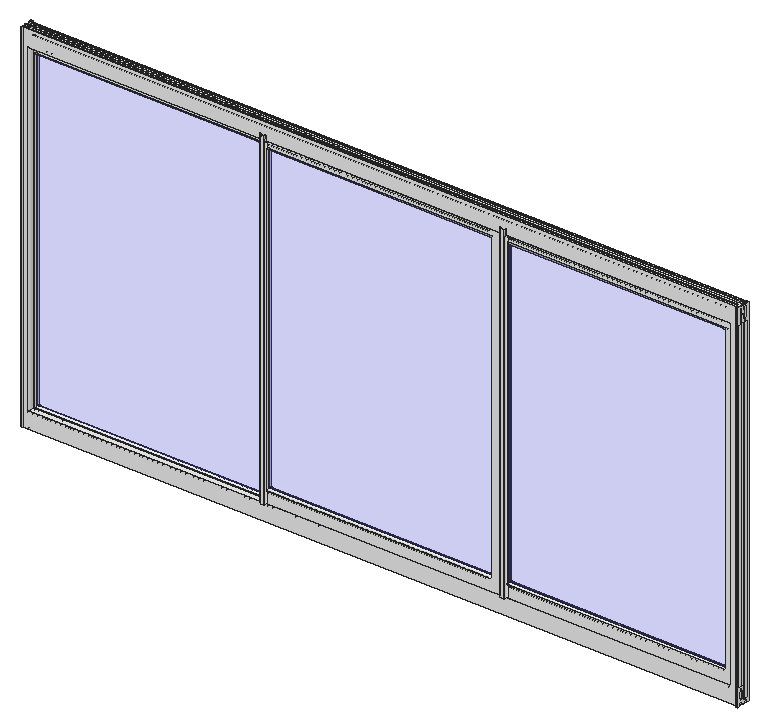
Revit family "DAL_A3-AGI-Sliding-Patio-Door-With-Side-Lights-4010mm", category Doors, host Wall, Revit 2016
Family settings
  Host = Wall
  Always vertical = Yes
  Cut with Voids When Loaded = No
  Shared = No
  Room Calculation Point = No
Parameters (values of type "AGI sliding patio door with side lights 4010mm")
  URL = "http://www.agi.co.za/patioDoor1.htm"
  Panel 2 Width = (Width / 3)  # 1336.667 mm
  Panel 2 Hieght = Height - 89 mm  # 1911 mm
  Panel 1 Width = (Width / 3) - 10 mm  # 1326.667 mm
  Panel 1 Hieght = Height - 154 mm  # 1846 mm
  Manufacturer = "AGI"
  Function = Interior
  Frame material = none
  Frame Projection Ext. = 25 mm
  Frame Projection Int. = 25 mm
  Frame Width = 75 mm
  Height = 2000 mm
  Wall Closure = By host
  Width = 4010 mm
Reference planes
  plane 1 "Centre(Exterior/Interior)": y = 0
  plane 2 "Center (Left/Right)": x = -250
  plane 3 "Left": x = -1586.667
  plane 4 "Right": x = 2423.333
  plane 5 "Top": z = 2000
  plane 6 "Exterior": y = 75
  plane 7 "Interior": y = -75
  plane 8: z = 25
  plane 9 "Panel top": z = 1936.037
  plane 10: x = -1576.667
  plane 11: x = 2413.333
  plane 12: z = 90
  plane 13: x = 1086.667
Forms (mm)
  Sweep 1, solid, material <- "Frame material", detail levels medium+fine
    path origin (0, 0, 0) x (1, 0, 0) y (0, 0, 1)
      loop
        line (2423.333, 0) -> (-1586.667, 0)
    profile "AGI SLIDING PATIO Base frame profile : AGI SLIDING PATIO Base frame profile" origin (418.333, 0, 0) x (0, 0, -1) y (0, -1, 0)
      loop
        line (-90, 32.5) -> (-90, -2.5) -> (-73.55, -2.5) -> (-73.55, 2.5) -> (-86, 2.5) -> (-86, 4.847) -> (-23.5, 4.847) -> (-23.5, -1) -> (-12.362, -1) -> (-12.362, 1) -> (-21, 1) -> (-21, 21.5) -> (-33.87, 21.5) -> (-33.87, 19) -> (-23.5, 19) -> (-23.5, 7.347) -> (-86, 7.347) -> (-86, 19) -> (-73.55, 19) -> (-65.757, 26.793) -> (-69.293, 26.793) -> (-74.586, 21.5) -> (-86, 21.5) -> (-86, 32.5) -> (-90, 32.5)
      loop
        line (-2, 22.5) -> (0, 22.5) -> (0, 32.5) -> (-85, 32.5) -> (-85, 22.5) -> (-75, 22.5) -> (-70, 27.5) -> (-20, 27.5) -> (-20, 3.847) -> (-18.194, 3.847)
        arc (-18.194, 3.847) -> (-10, 0) -> (-18.194, -3.847) r 5
        line (-18.194, -3.847) -> (-20, -3.847) -> (-19.131, -17.639) -> (-25, -17.639) -> (-25, -19.673) -> (-19.003, -19.673) -> (-18.352, -30) -> (-2, -30) -> (-2, -32.5) -> (0, -32.5) -> (0, -25) -> (-13.657, -25) -> (-14.603, -9.992)
        arc (-14.603, -9.992) -> (-8.146, -7.281) -> (-5.05, -1) r 10
        line (-5.05, -1) -> (0, -1) -> (0, 1) -> (-5.05, 1)
        arc (-5.05, 1) -> (-8.292, 7.416) -> (-15, 10) r 10
        line (-15, 10) -> (-15, 27.5) -> (-2, 27.5) -> (-2, 22.5)
  Sweep 2, solid, material <- "Frame material", detail levels medium+fine
    path origin (0, 0, 0) x (1, 0, 0) y (0, 0, 1)
      loop
        line (2423.333, 2000) -> (2423.333, 0)
    profile "AGI SLIDING PATIO side frame profile : AGI SLIDING PATIO side frame profile" origin (2423.333, 0, 1000) x (1, 0, 0) y (0, -1, 0)
      loop
        line (-10, -32.5) -> (-10, -37.5) -> (0, -37.5) -> (0, -32.5) -> (-2, -32.5) -> (-2, -35.5) -> (-5, -35.5) -> (-5, -11.015) -> (-2, -11.015) -> (-2, -6.015) -> (-5, -6.015) -> (-5, -2.5) -> (-2, -2.5) -> (-2, 2.5) -> (-5, 2.5) -> (-5, 35.5) -> (-2, 35.5) -> (-2, 32.5) -> (0, 32.5) -> (0, 37.5) -> (-10, 37.5) -> (-10, 32.5) -> (-40, 32.5) -> (-40, 27.5) -> (-10, 27.5) -> (-10, 2) -> (-8, 2) -> (-8, -2) -> (-10, -2) -> (-10, -27.5) -> (-37.71, -27.5) -> (-37.71, -26.5) -> (-11, -26.5) -> (-11, -24.5) -> (-36.319, -24.5)
        arc (-36.319, -24.5) -> (-38.09, -14) -> (-36.319, -3.5) r 32.018
        line (-36.319, -3.5) -> (-30.069, -3.5) -> (-30.069, -1) -> (-9, -1) -> (-9, 1) -> (-40, 1)
        arc (-40, 1) -> (-42.935, -15.75) -> (-40, -32.5) r 49.268
        line (-40, -32.5) -> (-10, -32.5)
  Sweep 3, solid, material <- "Frame material", detail levels medium+fine
    path origin (0, 0, 0) x (1, 0, 0) y (0, 0, 1)
      loop
        line (-1586.667, 2000) -> (2423.333, 2000)
    profile "AGI SLIDING PATIO Top frame profile : AGI SLIDING PATIO Top frame profile" origin (418.333, 0, 2000) x (0, 0, 1) y (0, -1, 0)
      loop
        line (0, 1.5) -> (-5, 1.5) -> (-5, 27.5) -> (-2, 27.5) -> (-2, 22.5) -> (0, 22.5) -> (0, 32.5) -> (-90, 32.5) -> (-90, 22.5) -> (-75, 22.5) -> (-75, 27.5) -> (-10, 27.5) -> (-10, 1.5) -> (-27.652, 1.5)
        arc (-27.652, 1.5) -> (-28.663, 4.011) -> (-30.5, 6) r 7.5
        line (-30.5, 6) -> (-27.08, 6) -> (-27.08, 2.18) -> (-11, 8) -> (-88, 8) -> (-88, 19.5) -> (-11, 19.5) -> (-27.08, 26.5) -> (-27.08, 21.5) -> (-90, 21.5) -> (-90, 6) -> (-39.5, 6)
        arc (-39.5, 6) -> (-41.337, 4.011) -> (-42.348, 1.5) r 7.5
        line (-42.348, 1.5) -> (-75, 1.5) -> (-75, 5) -> (-90, 5) -> (-90, -5) -> (-75, -5) -> (-75, -1.5) -> (-42.348, -1.5)
        arc (-42.348, -1.5) -> (-41.321, -4.036) -> (-39.453, -6.035) r 7.5
        line (-39.453, -6.035) -> (-36.781, -2.414)
        arc (-36.781, -2.414) -> (-35, 3) -> (-33.219, -2.414) r 3
        line (-33.219, -2.414) -> (-30.547, -6.035)
        arc (-30.547, -6.035) -> (-28.679, -4.036) -> (-27.652, -1.5) r 7.5
        line (-27.652, -1.5) -> (-10, -1.5) -> (-10, -27.5) -> (-75, -27.5) -> (-75, -22.5) -> (-90, -22.5) -> (-90, -32.5) -> (0, -32.5) -> (0, -22.5) -> (-2, -22.5) -> (-2, -27.5) -> (-5, -27.5) -> (-5, -1.5) -> (0, -1.5) -> (0, 1.5)
  Sweep 4, solid, material <- "Frame material", detail levels medium+fine
    path origin (0, 0, 0) x (1, 0, 0) y (0, 0, 1)
      loop
        line (-1586.667, 2000) -> (-1586.667, 0)
    profile "AGI SLIDING PATIO side frame profile : AGI SLIDING PATIO side frame profile" origin (-1586.667, 0, 1000) x (1, 0, 0) y (0, -1, 0)
      loop
        line (10, 32.5) -> (10, 37.5) -> (0, 37.5) -> (0, 32.5) -> (2, 32.5) -> (2, 35.5) -> (5, 35.5) -> (5, 11.015) -> (2, 11.015) -> (2, 6.015) -> (5, 6.015) -> (5, 2.5) -> (2, 2.5) -> (2, -2.5) -> (5, -2.5) -> (5, -35.5) -> (2, -35.5) -> (2, -32.5) -> (0, -32.5) -> (0, -37.5) -> (10, -37.5) -> (10, -32.5) -> (40, -32.5) -> (40, -27.5) -> (10, -27.5) -> (10, -2) -> (8, -2) -> (8, 2) -> (10, 2) -> (10, 27.5) -> (37.71, 27.5) -> (37.71, 26.5) -> (11, 26.5) -> (11, 24.5) -> (36.319, 24.5)
        arc (36.319, 24.5) -> (38.09, 14) -> (36.319, 3.5) r 32.018
        line (36.319, 3.5) -> (30.069, 3.5) -> (30.069, 1) -> (9, 1) -> (9, -1) -> (40, -1)
        arc (40, -1) -> (42.935, 15.75) -> (40, 32.5) r 49.268
        line (40, 32.5) -> (10, 32.5)
Cuts and joins
  joined: Sweep 1, Sweep 2, Sweep 3, Sweep 4
Lines and regions (mm)
  Opening 1
    outline origin (-3050, -75, 0) x (1, 0, 0) y (0, 0, 1)
      loop
        line (1463.333, 0) -> (5473.333, 0) -> (5473.333, 2000) -> (1463.333, 2000) -> (1463.333, 0)
  symbolic lines, style "Elevation Swing"
    curve 1: line (206.116, 12.619, 0) -> (101.116, 12.619, 0)
    curve 2: line (101.116, 12.619, 0) -> (115.258, -1.523, 0)
    curve 3: line (101.116, 12.619, 0) -> (115.258, 26.761, 0)
    curve 14: line (1636.116, 12.619, 0) -> (1531.116, 12.619, 0)
    curve 15: line (1531.116, 12.619, 0) -> (1545.258, -1.523, 0)
    curve 16: line (1531.116, 12.619, 0) -> (1545.258, 26.761, 0)
  symbolic lines, style "Overhead line", detail levels coarse
    curve 4: line (-1586.667, 75, 0) -> (2423.333, 75, 0)
    curve 5: line (2423.333, -75, 0) -> (-1586.667, -75, 0)
  symbolic lines, style "DoorsPanelProjection", detail levels coarse
    curve 6: line (-1586.667, 17, 0) -> (-250, 17, 0)
    curve 7: line (298.333, 0, 1013) -> (178.333, 0, 1013)
    curve 8: line (178.333, 0, 1013) -> (192.475, 0, 1027.142)
    curve 9: line (178.333, 0, 1013) -> (192.475, 0, 998.858)
    curve 10: line (1635, 0, 1013) -> (1515, 0, 1013)
    curve 11: line (1515, 0, 1013) -> (1529.142, 0, 1027.142)
    curve 12: line (1515, 0, 1013) -> (1529.142, 0, 998.858)
    curve 13: line (2423.333, -14.5, 0) -> (-250, -14.5, 0)
Text (mm)
  text "Exterior" at (-2295.016, 1099.543, 0), in view "Ref. Level"
  text "Exterior" at (0, 1615.38, 3698.081), in view "Left"
  text "Exterior" at (0, 1036.032, 3874.932), in view "Right"
Dimensions and locks
  equal spacing: plane 3 "Left", plane 2 "Center (Left/Right)", plane 13, plane 4 "Right"
  "Width": plane 3 "Left" to plane 4 "Right"
  "Height": plane 5 "Top" to host wall
  host wall to plane 5 "Top" = 2000 mm  (x2)
  locked: plane 6 "Exterior" to host wall at 0
  locked: plane 7 "Interior" to host wall
  locked: level to plane 8 at 25
  locked: plane 3 "Left" to plane 10 at 10
  locked: plane 11 to plane 4 "Right" at 10
  locked: level to plane 12 at 90
  aligned and locked: plane 3 "Left" to Opening 1 sketch curve
  aligned and locked: plane 5 "Top" to Opening 1 sketch curve  (x2)
  aligned and locked: Opening 1 sketch curve to plane 4 "Right"
  aligned and locked: Opening 1 sketch curve to level
  aligned and locked: plane 1 "Centre(Exterior/Interior)" to host wall
  aligned and locked: level to Sweep 1 sketch curve
  aligned and locked: plane 4 "Right" to Sweep 1 sketch curve
  aligned and locked: plane 3 "Left" to Sweep 1 sketch curve
  aligned and locked: plane 4 "Right" to Sweep 2 sketch curve
  aligned and locked: plane 5 "Top" to Sweep 2 sketch curve
  aligned and locked: level to Sweep 2 sketch curve
  aligned and locked: plane 5 "Top" to Sweep 3 sketch curve
  aligned and locked: plane 4 "Right" to Sweep 3 sketch curve
  aligned and locked: plane 3 "Left" to Sweep 3 sketch curve
  aligned and locked: plane 3 "Left" to Sweep 4 sketch curve
  aligned and locked: plane 5 "Top" to Sweep 4 sketch curve
  aligned and locked: level to Sweep 4 sketch curve
  aligned and locked: nested 1 to plane 8
  aligned and locked: plane 3 "Left" to curve 4
  aligned and locked: plane 4 "Right" to curve 4
  aligned and locked: plane 4 "Right" to curve 5
  aligned and locked: curve 5 to plane 7 "Interior"
  aligned and locked: plane 6 "Exterior" to curve 4
  aligned and locked: plane 2 "Center (Left/Right)" to curve 6
  aligned and locked: plane 3 "Left" to curve 6
  aligned and locked: plane 12 to nested 3
  aligned and locked: plane 13 to nested 3
  aligned and locked: nested 3 to nested 2
  aligned and locked: plane 11 to nested 2
  aligned and locked: nested 1 to plane 10
  aligned and locked: nested 2 to cut or joined group of Sweep 1, Sweep 2, Sweep 3, Sweep 4
  aligned and locked: cut or joined group of Sweep 1, Sweep 2, Sweep 3, Sweep 4 to nested 1
  aligned and locked: plane 2 "Center (Left/Right)" to curve 13
  aligned and locked: plane 4 "Right" to curve 13
  aligned and locked: curve 13 to nested 2
Automatic sketch dimensions
  plane 2 "Center (Left/Right)" to curve 7 = 428.333 mm
  curve 7 to curve 8 = 14.142 mm
  curve 7 to curve 9 = 14.142 mm
  curve 8 to curve 7 = 105.858 mm
  plane 13 to curve 10 = 428.333 mm
  curve 12 to curve 11 = 14.142 mm
  curve 12 to curve 12 = 14.142 mm  (x2)
  curve 11 to curve 10 = 105.858 mm
  curve 9 to plane 12 = 908.858 mm
  curve 12 to curve 9 = 0 mm
  curve 9 to curve 8 = 14.142 mm
  curve 5 to plane 3 "Left" = 0 mm
  curve 1 to host wall = 12.619 mm
  plane 2 "Center (Left/Right)" to curve 1 = 351.116 mm
  curve 3 to host wall = 26.761 mm
  curve 1 to curve 3 = 14.142 mm
  host wall to curve 2 = 1.523 mm
  curve 3 to curve 1 = 90.858 mm
  curve 16 to host wall = 12.619 mm
  plane 13 to curve 16 = 444.449 mm
  host wall to curve 15 = 1.523 mm
  curve 14 to curve 15 = 14.142 mm
  curve 16 to host wall = 26.761 mm
  curve 16 to curve 14 = 90.858 mm
  curve 6 to host wall = 17 mm
Nested families
  nested 1: "AGI sliding patio side i" at (-765.533, 17, 25), type "AGI sliding patio side i", detail levels medium+fine
    with Width 1336.667 mm
  nested 2: "AGI sliding patio side II" at (1892.8, -14.5, 90), type "AGI sliding patio side II", detail levels medium+fine
    with Width 1326.667 mm
  nested 3: "AGI sliding patio side IV" at (556.133, -14.5, 90), type "AGI sliding patio side II", detail levels medium+fine
    with Width 1336.667 mm
Definition of nested family "AGI sliding patio side i"
  Parameters
    Width = 750 mm
    Height = 1911 mm
    Glass = none
    Frame = none
    Assembly Code = ""
  Reference planes
    plane 1 "Center (Front/Back)": y = 0
    plane 2: z = 0
    plane 3 "Center (Left/Right)": x = -142.8
    plane 4 "Right": x = 232.2
    plane 5 "Left": x = -517.8
    plane 6: z = 1911
    plane 7: z = 1846
    plane 8: z = 65
    plane 9 "PANEL": y = 2.5
    plane 10: x = -488.8
    plane 11: x = 203.2
  Forms (mm)
    Sweep 1, solid
      path origin (0, 0, 0) x (1, 0, 0) y (0, 1, 0)
        loop
          line (232.2, 0) -> (-517.8, 0)
      profile "AGI panel top & bottom profile : AGI panel top & bottom profile" origin (-142.8, 0, 0) x (0, -1, 0) y (0, 0, 1)
        loop
          line (13, 0) -> (13, 65)
          arc (13, 65) -> (9.925, 72.425) -> (2.5, 75.5) r 10.5
          line (2.5, 75.5) -> (2.5, 65) -> (5, 65) -> (5, 69.899)
          arc (5, 69.899) -> (7.19, 67.872) -> (8, 65) r 5.5
          line (8, 65) -> (8, 54.802) -> (3.867, 54.802)
          arc (3.867, 54.802) -> (0, 56.632) -> (-3.867, 54.802) r 5
          line (-3.867, 54.802) -> (-8, 54.802) -> (-8, 65)
          arc (-8, 65) -> (-7.19, 67.872) -> (-5, 69.899) r 5.5
          line (-5, 69.899) -> (-5, 65) -> (-2.5, 65) -> (-2.5, 75.5)
          arc (-2.5, 75.5) -> (-9.925, 72.425) -> (-13, 65) r 10.5
          line (-13, 65) -> (-13, 0) -> (-5, 0) -> (-5, 5) -> (-8, 5) -> (-8, 49.802) -> (-4.653, 49.802)
          arc (-4.653, 49.802) -> (-3.789, 48.369) -> (-2.5, 47.302) r 5
          line (-2.5, 47.302) -> (-0.948, 49.319)
          arc (-0.948, 49.319) -> (-0.168, 54.126) -> (1.25, 49.467) r 2.5
          line (1.25, 49.467) -> (2.5, 47.302)
          arc (2.5, 47.302) -> (3.789, 48.369) -> (4.653, 49.802) r 5
          line (4.653, 49.802) -> (8, 49.802) -> (8, 5) -> (5, 5) -> (5, 0) -> (13, 0)
    Sweep 2, solid
      path origin (0, 0, 0) x (1, 0, 0) y (0, 0, 1)
        loop
          line (-517.8, 1911) -> (232.2, 1911)
      profile "AGI panel top & bottom profile : AGI panel top & bottom profile" origin (-142.8, 0, 1911) x (0, 0, 1) y (0, -1, 0)
        loop
          line (0, 13) -> (-65, 13)
          arc (-65, 13) -> (-72.425, 9.925) -> (-75.5, 2.5) r 10.5
          line (-75.5, 2.5) -> (-65, 2.5) -> (-65, 5) -> (-69.899, 5)
          arc (-69.899, 5) -> (-67.872, 7.19) -> (-65, 8) r 5.5
          line (-65, 8) -> (-54.802, 8) -> (-54.802, 3.867)
          arc (-54.802, 3.867) -> (-56.632, 0) -> (-54.802, -3.867) r 5
          line (-54.802, -3.867) -> (-54.802, -8) -> (-65, -8)
          arc (-65, -8) -> (-67.872, -7.19) -> (-69.899, -5) r 5.5
          line (-69.899, -5) -> (-65, -5) -> (-65, -2.5) -> (-75.5, -2.5)
          arc (-75.5, -2.5) -> (-72.425, -9.925) -> (-65, -13) r 10.5
          line (-65, -13) -> (0, -13) -> (0, -5) -> (-5, -5) -> (-5, -8) -> (-49.802, -8) -> (-49.802, -4.653)
          arc (-49.802, -4.653) -> (-48.369, -3.789) -> (-47.302, -2.5) r 5
          line (-47.302, -2.5) -> (-49.319, -0.948)
          arc (-49.319, -0.948) -> (-54.126, -0.168) -> (-49.467, 1.25) r 2.5
          line (-49.467, 1.25) -> (-47.302, 2.5)
          arc (-47.302, 2.5) -> (-48.369, 3.789) -> (-49.802, 4.653) r 5
          line (-49.802, 4.653) -> (-49.802, 8) -> (-5, 8) -> (-5, 5) -> (0, 5) -> (0, 13)
    Sweep 3, solid
      path origin (0, 0, 0) x (1, 0, 0) y (0, 0, 1)
        loop
          line (-517.8, 1911) -> (-517.8, 0)
      profile "AGI panel side profile i : AGI panel side profile i" origin (-517.8, 0, 955.5) x (1, 0, 0) y (0, -1, 0)
        loop
          line (0, 13) -> (0, 8) -> (12, 8) -> (12, -8) -> (0, -8) -> (0, -13) -> (40, -13) -> (40, -8) -> (39, -8) -> (39, -2.5) -> (29, -2.5) -> (29, -5) -> (34, -5) -> (34, -8) -> (17, -8) -> (17, 8) -> (34, 8) -> (34, 5) -> (29, 5) -> (29, 2.5) -> (39, 2.5) -> (39, 8) -> (40, 8) -> (40, 13) -> (0, 13)
    Sweep 4, solid
      path origin (0, 0, 0) x (1, 0, 0) y (0, 0, 1)
        loop
          line (232.2, 1911) -> (232.2, 0)
      profile "AGI panel side profile st : AGI panel side profile st" origin (232.2, 0, 955.5) x (1, 0, 0) y (0, -1, 0)
        loop
          line (0.808, 8) -> (-13.241, 8) -> (-12, 6.759) -> (-12, -8) -> (-1.155, -8)
          arc (-1.155, -8) -> (1.377, -0.19) -> (0.808, 8) r 21.581
        loop
          arc (1.595, -13) -> (6.537, 2.438) -> (1.595, 17.875) r 26.581
          line (1.595, 17.875) -> (-12, 17.875) -> (0, 15) -> (0, 13) -> (-40, 13) -> (-40, 8) -> (-39, 8) -> (-39, 2.5) -> (-29, 2.5) -> (-29, 5) -> (-34, 5) -> (-34, 8) -> (-20, 8) -> (-17, 5) -> (-17, -8) -> (-34, -8) -> (-34, -5) -> (-29, -5) -> (-29, -2.5) -> (-39, -2.5) -> (-39, -8) -> (-40, -8) -> (-40, -13) -> (1.595, -13)
    Extrusion 5, solid, material <- "Glass"
      sketch origin (0, 2.5, 0) x (1, 0, 0) y (0, 0, 1)
        loop
          line (-488.8, 65) -> (203.2, 65) -> (203.2, 1846) -> (-488.8, 1846) -> (-488.8, 65)
      from 0 to 5
  Cuts and joins
    joined: Sweep 1, Sweep 2, Sweep 3, Sweep 4
  Dimensions and locks
    equal spacing: plane 5 "Left", plane 3 "Center (Left/Right)", plane 4 "Right"
    "Width": plane 5 "Left" to plane 4 "Right"
    "Height": plane 6 to plane 2
    locked: level to plane 8 at 65
    locked: plane 7 to plane 6 at 65
    locked: plane 5 "Left" to plane 10 at 29
    locked: plane 11 to plane 4 "Right" at 29
    aligned and locked: level to plane 2
    aligned and locked: Sweep 1 sketch curve to plane 1 "Center (Front/Back)"
    aligned and locked: plane 5 "Left" to Sweep 1 sketch curve
    aligned and locked: plane 4 "Right" to Sweep 1 sketch curve
    aligned and locked: Sweep 2 sketch curve to plane 6
    aligned and locked: plane 5 "Left" to Sweep 2 sketch curve
    aligned and locked: plane 4 "Right" to Sweep 2 sketch curve
    aligned and locked: Sweep 3 sketch curve to plane 5 "Left"
    aligned and locked: plane 6 to Sweep 3 sketch curve
    aligned and locked: plane 2 to Sweep 3 sketch curve
    aligned and locked: Sweep 4 sketch curve to plane 4 "Right"
    aligned and locked: plane 6 to Sweep 4 sketch curve
    aligned and locked: plane 2 to Sweep 4 sketch curve
    aligned and locked: Extrusion 5 sketch curve to plane 10
    aligned and locked: Extrusion 5 sketch curve to plane 7
    aligned and locked: Extrusion 5 sketch curve to plane 8
    aligned and locked: Extrusion 5 sketch curve to plane 11
Definition of nested family "AGI sliding patio side II"
  Parameters
    Width = 500 mm
    Height = 1846 mm
    Glass = none
    Frame = none
    Assembly Code = ""
  Reference planes
    plane 1 "Center (Front/Back)": y = 0
    plane 2: z = 0
    plane 3 "Center (Left/Right)": x = -142.8
    plane 4 "Right": x = 107.2
    plane 5 "Left": x = -392.8
    plane 6: z = 1846
    plane 7: z = 1781
    plane 8: z = 65
    plane 9 "PANEL": y = 2.5
    plane 10: x = -363.8
    plane 11: x = 53.2
  Forms (mm)
    Sweep 1, solid
      path origin (0, 0, 0) x (1, 0, 0) y (0, 1, 0)
        loop
          line (107.2, 0) -> (-392.8, 0)
      profile "AGI panel top & bottom profile : AGI panel top & bottom profile" origin (-142.8, 0, 0) x (0, -1, 0) y (0, 0, 1)
        loop
          line (13, 0) -> (13, 65)
          arc (13, 65) -> (9.925, 72.425) -> (2.5, 75.5) r 10.5
          line (2.5, 75.5) -> (2.5, 65) -> (5, 65) -> (5, 69.899)
          arc (5, 69.899) -> (7.19, 67.872) -> (8, 65) r 5.5
          line (8, 65) -> (8, 54.802) -> (3.867, 54.802)
          arc (3.867, 54.802) -> (0, 56.632) -> (-3.867, 54.802) r 5
          line (-3.867, 54.802) -> (-8, 54.802) -> (-8, 65)
          arc (-8, 65) -> (-7.19, 67.872) -> (-5, 69.899) r 5.5
          line (-5, 69.899) -> (-5, 65) -> (-2.5, 65) -> (-2.5, 75.5)
          arc (-2.5, 75.5) -> (-9.925, 72.425) -> (-13, 65) r 10.5
          line (-13, 65) -> (-13, 0) -> (-5, 0) -> (-5, 5) -> (-8, 5) -> (-8, 49.802) -> (-4.653, 49.802)
          arc (-4.653, 49.802) -> (-3.789, 48.369) -> (-2.5, 47.302) r 5
          line (-2.5, 47.302) -> (-0.948, 49.319)
          arc (-0.948, 49.319) -> (-0.168, 54.126) -> (1.25, 49.467) r 2.5
          line (1.25, 49.467) -> (2.5, 47.302)
          arc (2.5, 47.302) -> (3.789, 48.369) -> (4.653, 49.802) r 5
          line (4.653, 49.802) -> (8, 49.802) -> (8, 5) -> (5, 5) -> (5, 0) -> (13, 0)
    Sweep 2, solid
      path origin (0, 0, 0) x (1, 0, 0) y (0, 0, 1)
        loop
          line (-392.8, 1846) -> (107.2, 1846)
      profile "AGI panel top & bottom profile : AGI panel top & bottom profile" origin (-142.8, 0, 1846) x (0, 0, 1) y (0, -1, 0)
        loop
          line (0, 13) -> (-65, 13)
          arc (-65, 13) -> (-72.425, 9.925) -> (-75.5, 2.5) r 10.5
          line (-75.5, 2.5) -> (-65, 2.5) -> (-65, 5) -> (-69.899, 5)
          arc (-69.899, 5) -> (-67.872, 7.19) -> (-65, 8) r 5.5
          line (-65, 8) -> (-54.802, 8) -> (-54.802, 3.867)
          arc (-54.802, 3.867) -> (-56.632, 0) -> (-54.802, -3.867) r 5
          line (-54.802, -3.867) -> (-54.802, -8) -> (-65, -8)
          arc (-65, -8) -> (-67.872, -7.19) -> (-69.899, -5) r 5.5
          line (-69.899, -5) -> (-65, -5) -> (-65, -2.5) -> (-75.5, -2.5)
          arc (-75.5, -2.5) -> (-72.425, -9.925) -> (-65, -13) r 10.5
          line (-65, -13) -> (0, -13) -> (0, -5) -> (-5, -5) -> (-5, -8) -> (-49.802, -8) -> (-49.802, -4.653)
          arc (-49.802, -4.653) -> (-48.369, -3.789) -> (-47.302, -2.5) r 5
          line (-47.302, -2.5) -> (-49.319, -0.948)
          arc (-49.319, -0.948) -> (-54.126, -0.168) -> (-49.467, 1.25) r 2.5
          line (-49.467, 1.25) -> (-47.302, 2.5)
          arc (-47.302, 2.5) -> (-48.369, 3.789) -> (-49.802, 4.653) r 5
          line (-49.802, 4.653) -> (-49.802, 8) -> (-5, 8) -> (-5, 5) -> (0, 5) -> (0, 13)
    Extrusion 3, solid, material <- "Glass"
      sketch origin (0, 2.5, 0) x (1, 0, 0) y (0, 0, 1)
        loop
          line (-363.8, 65) -> (53.2, 65) -> (53.2, 1781) -> (-363.8, 1781) -> (-363.8, 65)
      from 0 to 5
    Sweep 4, solid
      path origin (0, 2.5, 0) x (1, 0, 0) y (0, 0, 1)
        loop
          line (-392.8, 1846) -> (-392.8, 0)
      profile "AGI panel side profile outside : AGI panel side profile outside" origin (-392.8, 2.5, 923) x (1, 0, 0) y (0, -1, 0)
        loop
          line (5.005, -5.5) -> (14.841, -5.5) -> (13.6, -4.259) -> (13.6, 10.5) -> (5.005, 10.5) -> (5.005, -5.5)
        loop
          line (0.005, -10.5) -> (41.6, -10.5) -> (41.6, -5.5) -> (40.6, -5.5) -> (40.6, 0) -> (30.6, 0) -> (30.6, -2.5) -> (35.6, -2.5) -> (35.6, -5.5) -> (21.6, -5.5) -> (18.6, -2.5) -> (18.6, 10.5) -> (35.6, 10.5) -> (35.6, 7.5) -> (30.6, 7.5) -> (30.6, 5) -> (40.6, 5) -> (40.6, 10.5) -> (41.6, 10.5) -> (41.6, 15.5)
          arc (41.6, 15.5) -> (36.124, 20.153) -> (36.892, 27.297) r 7.681
          arc (36.892, 27.297) -> (37.161, 30.042) -> (35.01, 31.769) r 2.898
          arc (35.01, 31.769) -> (14.921, 29.201) -> (0.005, 15.5) r 33.416
          line (0.005, 15.5) -> (0.005, -10.5)
        loop
          line (5.982, 15.5) -> (38.886, 15.5)
          arc (38.886, 15.5) -> (34.795, 21.066) -> (36.063, 27.857) r 8.681
          arc (36.063, 27.857) -> (36.257, 29.614) -> (34.919, 30.769) r 1.899
          arc (34.919, 30.769) -> (17.97, 29.377) -> (4.058, 19.596) r 32.416
          arc (4.058, 19.596) -> (3.719, 16.937) -> (5.982, 15.5) r 2.5
    Sweep 5, solid
      path origin (0, 2.5, 0) x (1, 0, 0) y (0, 0, 1)
        loop
          line (107.2, 1846) -> (107.2, 0)
      profile "AGI panel side profile lng : AGI panel side profile lng" origin (107.2, 2.5, 923) x (1, 0, 0) y (0, -1, 0)
        loop
          line (-16.155, 10.5) -> (-37, 10.5) -> (-37, -5.5) -> (-16.155, -5.5) -> (-16.155, 10.5)
        loop
          line (0, -10.5) -> (0, -2.5) -> (-5, -2.5) -> (-5, -5.5) -> (-11.155, -5.5) -> (-11.155, 10.5) -> (-5, 10.5) -> (-5, 7.5) -> (0, 7.5) -> (0, 15.5) -> (-65, 15.5) -> (-65, 10.5) -> (-64, 10.5) -> (-64, 5) -> (-54, 5) -> (-54, 7.5) -> (-59, 7.5) -> (-59, 10.5) -> (-42, 10.5) -> (-42, -5.5) -> (-59, -5.5) -> (-59, -2.5) -> (-54, -2.5) -> (-54, 0) -> (-64, 0) -> (-64, -5.5) -> (-65, -5.5) -> (-65, -10.5) -> (0, -10.5)
  Cuts and joins
    joined: Sweep 1, Sweep 2, Sweep 4, Sweep 5
  Dimensions and locks
    equal spacing: plane 5 "Left", plane 3 "Center (Left/Right)", plane 4 "Right"
    "Width": plane 5 "Left" to plane 4 "Right"
    "Height": plane 6 to plane 2
    locked: level to plane 8 at 65
    locked: plane 7 to plane 6 at 65
    locked: plane 5 "Left" to plane 10 at 29
    locked: plane 11 to plane 4 "Right" at 54
    aligned and locked: level to plane 2
    aligned and locked: Sweep 1 sketch curve to plane 1 "Center (Front/Back)"
    aligned and locked: plane 5 "Left" to Sweep 1 sketch curve
    aligned and locked: plane 4 "Right" to Sweep 1 sketch curve
    aligned and locked: Sweep 2 sketch curve to plane 6
    aligned and locked: plane 5 "Left" to Sweep 2 sketch curve
    aligned and locked: plane 4 "Right" to Sweep 2 sketch curve
    aligned and locked: Extrusion 3 sketch curve to plane 10
    aligned and locked: Extrusion 3 sketch curve to plane 7
    aligned and locked: Extrusion 3 sketch curve to plane 8
    aligned and locked: Extrusion 3 sketch curve to plane 11
    aligned and locked: Sweep 4 sketch curve to plane 5 "Left"
    aligned and locked: plane 6 to Sweep 4 sketch curve
    aligned and locked: plane 2 to Sweep 4 sketch curve
    aligned and locked: Sweep 5 sketch curve to plane 4 "Right"
    aligned and locked: plane 6 to Sweep 5 sketch curve
    aligned and locked: plane 2 to Sweep 5 sketch curve
  Automatic sketch dimensions
    Sweep 4 sketch curve to level = 0 mm
Definition of nested family "AGI sliding patio side IV"
  Parameters
    Width = 500 mm
    Height = 1846 mm
    Glass = none
    Frame = none
    Assembly Code = ""
  Reference planes
    plane 1 "Center (Front/Back)": y = 0
    plane 2: z = 0
    plane 3 "Center (Left/Right)": x = -142.8
    plane 4 "Right": x = 107.2
    plane 5 "Left": x = -392.8
    plane 6: z = 1846
    plane 7: z = 1781
    plane 8: z = 65
    plane 9 "PANEL": y = 2.5
    plane 10: x = -363.8
    plane 11: x = 78.2
  Forms (mm)
    Sweep 1, solid
      path origin (0, 0, 0) x (1, 0, 0) y (0, 1, 0)
        loop
          line (107.2, 0) -> (-392.8, 0)
      profile "AGI panel top & bottom profile : AGI panel top & bottom profile" origin (-142.8, 0, 0) x (0, -1, 0) y (0, 0, 1)
        loop
          line (13, 0) -> (13, 65)
          arc (13, 65) -> (9.925, 72.425) -> (2.5, 75.5) r 10.5
          line (2.5, 75.5) -> (2.5, 65) -> (5, 65) -> (5, 69.899)
          arc (5, 69.899) -> (7.19, 67.872) -> (8, 65) r 5.5
          line (8, 65) -> (8, 54.802) -> (3.867, 54.802)
          arc (3.867, 54.802) -> (0, 56.632) -> (-3.867, 54.802) r 5
          line (-3.867, 54.802) -> (-8, 54.802) -> (-8, 65)
          arc (-8, 65) -> (-7.19, 67.872) -> (-5, 69.899) r 5.5
          line (-5, 69.899) -> (-5, 65) -> (-2.5, 65) -> (-2.5, 75.5)
          arc (-2.5, 75.5) -> (-9.925, 72.425) -> (-13, 65) r 10.5
          line (-13, 65) -> (-13, 0) -> (-5, 0) -> (-5, 5) -> (-8, 5) -> (-8, 49.802) -> (-4.653, 49.802)
          arc (-4.653, 49.802) -> (-3.789, 48.369) -> (-2.5, 47.302) r 5
          line (-2.5, 47.302) -> (-0.948, 49.319)
          arc (-0.948, 49.319) -> (-0.168, 54.126) -> (1.25, 49.467) r 2.5
          line (1.25, 49.467) -> (2.5, 47.302)
          arc (2.5, 47.302) -> (3.789, 48.369) -> (4.653, 49.802) r 5
          line (4.653, 49.802) -> (8, 49.802) -> (8, 5) -> (5, 5) -> (5, 0) -> (13, 0)
    Sweep 2, solid
      path origin (0, 0, 0) x (1, 0, 0) y (0, 0, 1)
        loop
          line (-392.8, 1846) -> (107.2, 1846)
      profile "AGI panel top & bottom profile : AGI panel top & bottom profile" origin (-142.8, 0, 1846) x (0, 0, 1) y (0, -1, 0)
        loop
          line (0, 13) -> (-65, 13)
          arc (-65, 13) -> (-72.425, 9.925) -> (-75.5, 2.5) r 10.5
          line (-75.5, 2.5) -> (-65, 2.5) -> (-65, 5) -> (-69.899, 5)
          arc (-69.899, 5) -> (-67.872, 7.19) -> (-65, 8) r 5.5
          line (-65, 8) -> (-54.802, 8) -> (-54.802, 3.867)
          arc (-54.802, 3.867) -> (-56.632, 0) -> (-54.802, -3.867) r 5
          line (-54.802, -3.867) -> (-54.802, -8) -> (-65, -8)
          arc (-65, -8) -> (-67.872, -7.19) -> (-69.899, -5) r 5.5
          line (-69.899, -5) -> (-65, -5) -> (-65, -2.5) -> (-75.5, -2.5)
          arc (-75.5, -2.5) -> (-72.425, -9.925) -> (-65, -13) r 10.5
          line (-65, -13) -> (0, -13) -> (0, -5) -> (-5, -5) -> (-5, -8) -> (-49.802, -8) -> (-49.802, -4.653)
          arc (-49.802, -4.653) -> (-48.369, -3.789) -> (-47.302, -2.5) r 5
          line (-47.302, -2.5) -> (-49.319, -0.948)
          arc (-49.319, -0.948) -> (-54.126, -0.168) -> (-49.467, 1.25) r 2.5
          line (-49.467, 1.25) -> (-47.302, 2.5)
          arc (-47.302, 2.5) -> (-48.369, 3.789) -> (-49.802, 4.653) r 5
          line (-49.802, 4.653) -> (-49.802, 8) -> (-5, 8) -> (-5, 5) -> (0, 5) -> (0, 13)
    Extrusion 3, solid, material <- "Glass"
      sketch origin (0, 2.5, 0) x (1, 0, 0) y (0, 0, 1)
        loop
          line (-363.8, 65) -> (78.2, 65) -> (78.2, 1781) -> (-363.8, 1781) -> (-363.8, 65)
      from 0 to 5
    Sweep 4, solid
      path origin (0, 2.5, 0) x (1, 0, 0) y (0, 0, 1)
        loop
          line (-392.8, 1846) -> (-392.8, 0)
      profile "AGI panel side profile outside : AGI panel side profile outside" origin (-392.8, 2.5, 923) x (1, 0, 0) y (0, -1, 0)
        loop
          line (-0.808, -5.5) -> (13.241, -5.5) -> (12, -4.259) -> (12, 10.5) -> (1.155, 10.5)
          arc (1.155, 10.5) -> (-1.377, 2.69) -> (-0.808, -5.5) r 21.581
        loop
          line (0, -10.5) -> (40, -10.5) -> (40, -5.5) -> (39, -5.5) -> (39, 0) -> (29, 0) -> (29, -2.5) -> (34, -2.5) -> (34, -5.5) -> (20, -5.5) -> (17, -2.5) -> (17, 10.5) -> (34, 10.5) -> (34, 7.5) -> (29, 7.5) -> (29, 5) -> (39, 5) -> (39, 10.5) -> (40, 10.5) -> (40, 15.5)
          arc (40, 15.5) -> (34.524, 20.153) -> (35.292, 27.297) r 7.681
          arc (35.292, 27.297) -> (35.561, 30.042) -> (33.41, 31.769) r 2.898
          arc (33.41, 31.769) -> (13.321, 29.201) -> (-1.595, 15.5) r 33.416
          arc (-1.595, 15.5) -> (-6.537, 0.062) -> (-1.595, -15.375) r 26.581
          line (-1.595, -15.375) -> (12, -15.375) -> (0, -12.5) -> (0, -10.5)
        loop
          line (-0.437, 15.5) -> (37.286, 15.5)
          arc (37.286, 15.5) -> (33.195, 21.066) -> (34.463, 27.857) r 8.681
          arc (34.463, 27.857) -> (34.657, 29.614) -> (33.319, 30.769) r 1.899
          arc (33.319, 30.769) -> (14.045, 28.432) -> (-0.437, 15.5) r 32.416
    Sweep 5, solid
      path origin (0, 0, 0) x (1, 0, 0) y (0, 0, 1)
        loop
          line (107.2, 1846) -> (107.2, 0)
      profile "AGI panel side profile II : AGI panel side profile II" origin (107.2, 0, 923) x (1, 0, 0) y (0, -1, 0)
        loop
          line (0, -8) -> (0, 8) -> (-12, 8) -> (-12, -8) -> (0, -8)
        loop
          line (2.502, 13) -> (-40, 13) -> (-40, 8) -> (-39, 8) -> (-39, 2.5) -> (-29, 2.5) -> (-29, 5) -> (-34, 5) -> (-34, 8) -> (-17, 8) -> (-17, -8) -> (-34, -8) -> (-34, -5) -> (-29, -5) -> (-29, -2.5) -> (-39, -2.5) -> (-39, -8) -> (-40, -8) -> (-40, -13) -> (2.5, -13)
          arc (2.5, -13) -> (4.268, -12.268) -> (5, -10.5) r 2.5
          line (5, -10.5) -> (5, 10.502)
          arc (5, 10.502) -> (4.268, 12.268) -> (2.502, 13) r 2.498
  Cuts and joins
    joined: Sweep 1, Sweep 2, Sweep 4, Sweep 5
  Dimensions and locks
    equal spacing: plane 5 "Left", plane 3 "Center (Left/Right)", plane 4 "Right"
    "Width": plane 5 "Left" to plane 4 "Right"
    "Height": plane 6 to plane 2
    locked: level to plane 8 at 65
    locked: plane 7 to plane 6 at 65
    locked: plane 5 "Left" to plane 10 at 29
    locked: plane 11 to plane 4 "Right" at 29
    aligned and locked: level to plane 2
    aligned and locked: Sweep 1 sketch curve to plane 1 "Center (Front/Back)"
    aligned and locked: plane 5 "Left" to Sweep 1 sketch curve
    aligned and locked: plane 4 "Right" to Sweep 1 sketch curve
    aligned and locked: Sweep 2 sketch curve to plane 6
    aligned and locked: plane 5 "Left" to Sweep 2 sketch curve
    aligned and locked: plane 4 "Right" to Sweep 2 sketch curve
    aligned and locked: Extrusion 3 sketch curve to plane 10
    aligned and locked: Extrusion 3 sketch curve to plane 7
    aligned and locked: Extrusion 3 sketch curve to plane 8
    aligned and locked: Extrusion 3 sketch curve to plane 11
    aligned and locked: Sweep 4 sketch curve to plane 5 "Left"
    aligned and locked: plane 6 to Sweep 4 sketch curve
    aligned and locked: plane 2 to Sweep 4 sketch curve
    aligned and locked: plane 6 to Sweep 5 sketch curve
    aligned and locked: plane 2 to Sweep 5 sketch curve
  Automatic sketch dimensions
    Sweep 4 sketch curve to level = 0 mm
    Sweep 5 sketch curve to plane 4 "Right" = 0 mm
